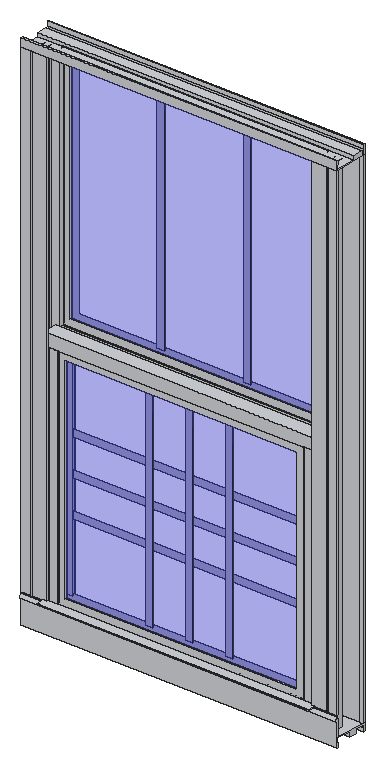
Revit family "4410S_Single Hung Steel Replica", category Windows, host Wall, Revit 2023
Family settings
  Host = Wall
  OmniClass Number = 23.30.20.00
  OmniClass Title = Windows
  Always vertical = Yes
  Cut with Voids When Loaded = No
  Shared = No
  Room Calculation Point = No
Parameters
  Vertical Member Length = Height - Keep Rail Mid - 0' 3 1/4"  # 2' - 3 7/16"
  Top Bay Vertical Member Array Vis = yes
  Top Bay Vertical Member Array = 2
  Vent Width = Width - 0' 5"  # 2' - 7"
  Vent Opening [instance] = 0' - 0"
  Vent Height = Keep Rail Mid - 0' 0 11/16"  # 2' - 4 5/8"
  Top Bay Single Vertical Member Vis = no
  Top Bay Single Horizontal Member Vis = no
  Keep Vertical Member Mid = (Width / 2) - 0' 0 11/64"  # 1' - 5 53/64"
  Keep Rail Mid = (Height - 0' 1 3/8") / 2  # 2' - 5 5/16"
  Keep Top Bay Horizontal Member Mid = ((Height - Keep Rail Mid - 0' 3 1/4") / 2) - 0' 0 11/64"  # 1' - 1 35/64"
  Horizontal Member Length = Width - 0' 6 11/16"  # 2' - 5 5/16"
  Top Bay Horizontal Member Array Vis = no
  Top Bay Horizontal Member Array = 2
  Height = 5' - 0"
  Glass Material = Glass
  Frame Material = none
  Equal Bay Width = (Width - 0' 6 11/16" - (Top Bay Vertical Member Array * 0' 0 11/32")) / (Top Bay Vertical Member Array + 1)  # 0' - 9.54167"
  Equal Bay Height = (Height - Keep Rail Mid - 0' 3 1/4" - (Top Bay Horizontal Member Array * 0' 0 11/32")) / (Top Bay Horizontal Member Array + 1)  # 0' - 8.91667"
  Depth From Exterior = 0' - 1"
  Default Sill Height = 3' - 0"
  Wall Closure = By host
  Width = 3' - 0"
  Bottom Bay Vertical Member Array Vis = yes
  Bottom Bay Vertical Member Array = 2
  Bottom Bay Single Vertical Member Vis = yes
  Bottom Bay Single Horizontal Member Vis = yes
  Bottom Bay Horizontal Member Array Vis = yes
  Bottom Bay Horizontal Member Array = 2
Reference planes (in)
  plane 1 "Center (Front/Back)": y = 0
  plane 2: z = 0
  plane 3 "Center (Left/Right)": x = 0
  plane 4 "Left": x = -18
  plane 5 "Right": x = 18
  plane 6 "Sill": z = 36
  plane 7 "Top": z = 96
  plane 8: y = 3
  plane 9: y = 2
  plane 10: y = -2
  plane 11: y = 2
  plane 12: y = 2
  plane 13: y = -2
  plane 14: y = 2
  plane 15: y = -2
  plane 16: x = 15.125
  plane 17: x = 18
  plane 18: x = -18
  plane 19: x = -15.125
  plane 20: y = 2
  plane 21: y = -0.09592
  plane 22: y = 1.91895
  plane 23: y = 1.91895
  plane 24: y = 1.62325
  plane 25: y = -0.04
  plane 26: y = -0.04
  plane 27: y = 1.315
  plane 28: y = 0.61125
  plane 29: y = 0.61125
  plane 30: y = 0.38576
  plane 31: y = -1.905
  plane 32: z = 66.6875
  plane 33: z = 65.3125
  plane 34: z = 39.35032
  plane 35: z = 39.35032
  plane 36: y = 1.62325
  plane 37: y = 0.62325
  plane 38: y = -0.01592
  plane 39: y = -1.775
  plane 40: y = 0.06494
  plane 41: y = -0.01592
  plane 42: z = 94.59356
  plane 43: x = 14.65656
  plane 44: x = -14.65656
  plane 45: z = 67.15594
  plane 46: y = 1.92725
  plane 47: y = 1.62325
  plane 48: z = 85.67689
  plane 49: z = 76.07261
  plane 50: x = 5.11489
  plane 51: x = -5.11489
  plane 52: x = 0.17187
  plane 53: z = 81.04668
Forms (in)
  Sweep 1, solid
    path origin (0, 0, 0) x (1, 0, 0) y (0, 0, 1)
      loop
        line (18, 36) -> (-18, 36)
    profile origin (0, 0, 36) x (0, 0, -1) y (0, -1, 0)
      loop
        line (-3.35032, 2) -> (-3.35032, 1.93) -> (-2.965, 1.93) -> (-2.965, 1.85) -> (-2.88519, 1.85) -> (-2.86019, 1.875) -> (-1.15102, 1.875) -> (-0.812, -2) -> (0, -2) -> (0, -1.815) -> (-0.434, -1.815) -> (-0.434, -1.905) -> (-0.69483, -1.905) -> (-0.80183, -0.682) -> (-0.35476, -0.682) -> (-0.35476, 0.17585) -> (-0.87688, 0.17585) -> (-1.02817, 1.905) -> (-0.434, 1.905) -> (-0.434, 1.815) -> (0, 1.815) -> (0, 2) -> (-2.86275, 2) -> (-2.82032, 2.15834) -> (-3.25535, 2) -> (-3.35032, 2)
  Sweep 2, solid
    path origin (0, 0, 0) x (1, 0, 0) y (0, 0, 1)
      loop
        line (18, 96) -> (-18, 96)
    profile origin (0, 0, 96) x (0, 0, -1) y (0, -1, 0)
      loop
        line (0, -2) -> (1, -2) -> (1, 2) -> (0, 2) -> (0, 1.815) -> (0.434, 1.815) -> (0.434, 1.938) -> (0.938, 1.938) -> (0.938, -0.39875) -> (0.5455, -0.39875) -> (0.5455, -1.5995) -> (0.938, -1.5995) -> (0.938, -1.938) -> (0.434, -1.938) -> (0.434, -1.815) -> (0, -1.815) -> (0, -2)
  Sweep 3, solid
    path origin (0, 0, 0) x (1, 0, 0) y (0, 0, 1)
      loop
        line (18, 95) -> (18, 36.812)
    profile origin (18, 0, 65.906) x (0, -1, 0) y (1, 0, 0)
      loop
        line (1.85, -1.125) -> (1.85, -1.045) -> (-0.04, -1.045) -> (-0.04, -2.795) -> (-0.38075, -2.795) -> (-0.38075, -2.40284) -> (-1.57217, -2.40284) -> (-1.57217, -2.65125) -> (-1.905, -2.65125) -> (-1.905, -0.434) -> (-1.815, -0.434) -> (-1.815, 0) -> (-2, 0) -> (-2, -2.875) -> (0.04, -2.875) -> (0.04, -1.837) -> (0.241, -1.837)
        arc (0.241, -1.837) -> (0.2885, -1.7895) -> (0.241, -1.742) r 0.0475
        line (0.241, -1.742) -> (0.04, -1.742) -> (0.04, -1.125) -> (1.85, -1.125)
  Sweep 4, solid
    path origin (0, 0, 0) x (0, 1, 0) y (0, 0, 1)
      loop
        line (-2, 39.35032) -> (-2, 95)
    profile origin (0, -2, 67.17516) x (0, -1, 0) y (1, 0, 0)
      loop
        line (0, 18) -> (-0.185, 18) -> (-0.185, 17.566) -> (-0.0797, 17.566) -> (-0.0797, 16.95545) -> (-0.15, 16.95545) -> (-0.15, 15.125) -> (-0.07, 15.125) -> (-0.07, 16.875) -> (0, 16.875) -> (0, 18)
  Sweep 5, solid
    path origin (4.96133, 0, 0) x (-1, 0, 0) y (0, 0, -1)
      loop
        line (22.96133, -95) -> (22.96133, -36.812)
    profile origin (-18, 0, 65.906) x (0, -1, 0) y (1, 0, 0)
      loop
        line (1.85, 1.125) -> (0.04, 1.125) -> (0.04, 1.742) -> (0.241, 1.742)
        arc (0.241, 1.742) -> (0.2885, 1.7895) -> (0.241, 1.837) r 0.0475
        line (0.241, 1.837) -> (0.04, 1.837) -> (0.04, 2.875) -> (-2, 2.875) -> (-2, 0) -> (-1.815, 0) -> (-1.815, 0.434) -> (-1.905, 0.434) -> (-1.905, 2.65125) -> (-1.57217, 2.65125) -> (-1.57217, 2.40284) -> (-0.38075, 2.40284) -> (-0.38075, 2.795) -> (-0.04, 2.795) -> (-0.04, 1.045) -> (1.85, 1.045) -> (1.85, 1.125)
  Sweep 6, solid
    path origin (0, 0, 0) x (0, 1, 0) y (0, 0, 1)
      loop
        line (-2, 39.35032) -> (-2, 95)
    profile origin (0, -2, 67.17516) x (0, -1, 0) y (1, 0, 0)
      loop
        line (0, -18) -> (0, -16.875) -> (-0.07, -16.875) -> (-0.07, -15.125) -> (-0.15, -15.125) -> (-0.15, -16.875) -> (-0.15, -16.95545) -> (-0.08017, -16.95545) -> (-0.08017, -17.566) -> (-0.185, -17.566) -> (-0.185, -18) -> (0, -18)
  Sweep 7, solid
    path origin (0, 0, 0) x (1, 0, 0) y (0, 0, 1)
      loop
        line (15.125, 66.6875) -> (-15.125, 66.6875)
    profile origin (0, 0, 66.6875) x (0, 0, -1) y (0, -1, 0)
      loop
        line (1.375, -2) -> (1.375, -1.16908) -> (1.719, -1.16908)
        arc (1.719, -1.16908) -> (1.75, -1.13808) -> (1.719, -1.10708) r 0.031
        line (1.719, -1.10708) -> (1.375, -1.10708) -> (1.375, 0.09592) -> (0.95876, 0.09592) -> (0.928, 0.08473) -> (1.04717, 0.01592) -> (1.295, 0.01592) -> (1.295, -0.12156) -> (0.8475, -0.12156) -> (0.8475, -0.82206) -> (0.435, -0.82206) -> (0.435, -0.38229) -> (0.09332, -0.38229) -> (0.09332, -0.20975) -> (0.435, -0.17132) -> (0.435, -0.13125) -> (0, -0.13125) -> (0, -2) -> (1.375, -2)
  Sweep 8, solid
    path origin (0, 0, 0) x (1, 0, 0) y (0, 0, 1)
      loop
        line (15.125, 66.6875) -> (15.125, 95.062) -> (-15.125, 95.062) -> (-15.125, 66.6875) -> (15.125, 66.6875)
    profile origin (0, 0, 66.6875) x (0, 0, -1) y (0, -1, 0)
      loop
        line (-0.60922, -1.77817) -> (-0.46844, -1.91895) -> (0, -1.91895) -> (0, -1.62325) -> (-0.76414, -1.62325) -> (-0.60922, -1.77817)
  Sweep 9, solid
    path origin (0, 0, 0) x (1, 0, 0) y (0, 0, 1)
      loop
        line (15.125, 36.812) -> (-15.125, 36.812)
    profile origin (0, 0, 36.812) x (0, 0, -1) y (0, -1, 0)
      loop
        line (-1.58468, 0.04) -> (-1.58468, -0.04) -> (-1.13268, -0.04) -> (-1.13268, -0.239)
        arc (-1.13268, -0.239) -> (-1.02796, -0.54519) -> (-0.75768, -0.72312) r 0.5
        line (-0.75768, -0.72312) -> (-0.75768, -1.136)
        arc (-0.75768, -1.136) -> (-0.7486, -1.15792) -> (-0.72668, -1.167) r 0.031
        line (-0.72668, -1.167) -> (-0.63268, -1.167) -> (-0.63268, -1.315) -> (-0.55268, -1.315) -> (-0.55268, -1.118)
        arc (-0.55268, -1.118) -> (-0.56176, -1.09608) -> (-0.58368, -1.087) r 0.031
        line (-0.58368, -1.087) -> (-0.67768, -1.087) -> (-0.67768, -0.739) -> (-0.376, -0.739) -> (-0.376, -0.927) -> (-0.234, -0.927) -> (-0.234, -0.86638) -> (-0.062, -0.86638) -> (-0.03811, -0.93038) -> (0, -0.93038) -> (0, -0.572) -> (-0.175, -0.572) -> (-0.175, -0.659) -> (-0.63268, -0.659)
        arc (-0.63268, -0.659) -> (-0.92966, -0.53598) -> (-1.05268, -0.239) r 0.42
        line (-1.05268, -0.239) -> (-1.05268, 0.009)
        arc (-1.05268, 0.009) -> (-1.06176, 0.03092) -> (-1.08368, 0.04) r 0.031
        line (-1.08368, 0.04) -> (-1.58468, 0.04)
  Sweep 10, solid
    path origin (0, 0, 0) x (1, 0, 0) y (0, 0, 1)
      loop
        line (-15.125, 66.6875) -> (15.125, 66.6875) -> (15.125, 95.062) -> (-15.125, 95.062) -> (-15.125, 66.6875)
    profile origin (0, 0, 66.6875) x (0, 0, 1) y (0, -1, 0)
      loop
        line (0.75, -0.38576) -> (0, -0.38576) -> (0, -0.52876) -> (0.031, -0.52876)
        arc (0.031, -0.52876) -> (0.05292, -0.51968) -> (0.062, -0.49776) r 0.031
        line (0.062, -0.49776) -> (0.062, -0.44276) -> (0.314, -0.44276) -> (0.314, -0.61125) -> (0.75, -0.61125) -> (0.75, -0.38576)
  Sweep 11, solid, material "Glass" <- "Glass Material"
    path origin (0, 0, 0) x (0, 1, 0) y (0, 0, 1)
      loop
        line (1.09807, 66.6875) -> (1.09807, 95)
    profile origin (0, 1.09807, 80.84375) x (0, -1, 0) y (1, 0, 0)
      loop
        line (-0.52518, -15.125) -> (-0.27518, -15.125) -> (-0.27518, 15.125) -> (-0.52518, 15.125) -> (-0.52518, -15.125)
      loop
        line (0.22482, -15.125) -> (0.47482, -15.125) -> (0.47482, 15.125) -> (0.22482, 15.125) -> (0.22482, -15.125)
Lines and regions (in)
  Opening 1
    outline origin (-60, -3, 0) x (1, 0, 0) y (0, 0, 1)
      loop
        line (42, 96) -> (42, 36) -> (78, 36) -> (78, 96) -> (42, 96)
Text (in)
  text "EXTERIOR" at (-58.6888, 50.90694, 0), in view "Ref. Level"
  text "INTERIOR" at (-58.6888, -37.76638, 0), in view "Ref. Level"
  text "Exterior" at (0, 43.65631, 123.19604), in view "Left"
  text "Exterior" at (0, 18.29385, 125.04747), in view "Right"
Dimensions and locks (in)
  equal spacing: plane 4 "Left", plane 3 "Center (Left/Right)", plane 5 "Right"
  "Height": plane 6 "Sill" to plane 7 "Top"
  "Default Sill Height": plane 2 to plane 6 "Sill"
  locked: plane 11 to plane 10 at 4
  "Depth From Exterior": plane 8 to plane 9
  locked: plane 12 to plane 13 at 4
  "Width": plane 4 "Left" to plane 5 "Right"
  locked: plane 14 to plane 15 at 4
  locked: plane 16 to plane 17 at 2.875
  locked: plane 18 to plane 19 at 2.875
  locked: plane 20 to plane 21 at 2.09592
  locked: plane 14 to plane 22 at 0.08105
  locked: plane 23 to plane 24 at 0.2957
  locked: plane 27 to plane 26 at 1.355
  locked: plane 14 to plane 28 at 1.38875
  locked: plane 29 to plane 30 at 0.22549
  locked: plane 14 to plane 26 at 2.04
  locked: plane 31 to plane 15 at 0.095
  locked: plane 33 to plane 32 at 1.375
  "Keep Rail Mid": plane 6 "Sill" to plane 33
  "Vent Opening": plane 34 to plane 35
  locked: plane 35 to plane 6 "Sill" at 3.35032
  plane 32 to plane 33 = 0' - 1 3/8"
  locked: plane 36 to plane 37 at 1
  locked: plane 14 to plane 41 at 2.01592
  plane 40 to plane 38 to plane 39 = 0' - 0.08087" locked, 0' - 1.75908" locked
  locked: plane 42 to plane 7 "Top" at 1.40644
  locked: plane 32 to plane 45 at 0.46844
  locked: plane 16 to plane 43 at 0.46844
  locked: plane 19 to plane 44 at 0.46844
  plane 17 to plane 43 = 0' - 3.34344"
  locked: plane 46 to plane 47 at 0.304
  group 1 to group 2 = 0' - 0"
  group 2 to group 1 = 0' - 0"
  group 2 to group 1 = 0' - 9.27316"
  "Equal Bay Height": plane 48 to plane 42
  "Equal Bay Height": plane 45 to plane 49
  group 4 to group 3 = 0' - 9.89866"
  group 4 to group 3 = 0' - 0"
  group 3 to group 4 = 0' - 0"
  "Equal Bay Width": plane 50 to plane 43
  "Equal Bay Width": plane 44 to plane 51
  "Keep Vertical Member Mid": plane 17 to plane 52
  "Keep Top Bay Horizontal Member Mid": plane 53 to plane 42
  aligned and locked: plane 7 "Top" to Opening 1 sketch curve
  aligned and locked: plane 6 "Sill" to Opening 1 sketch curve  (x2)
  aligned and locked: plane 5 "Right" to Opening 1 sketch curve
  aligned and locked: plane 4 "Left" to Opening 1 sketch curve
  aligned and locked: level to plane 2
  aligned and locked: plane 5 "Right" to Sweep 1 sketch curve
  aligned and locked: plane 4 "Left" to Sweep 1 sketch curve
  aligned and locked: plane 6 "Sill" to Sweep 1 sketch curve
  aligned and locked: plane 8 to host wall
  aligned and locked: plane 11 to Sweep 1
  aligned and locked: plane 10 to Sweep 1
  aligned and locked: plane 9 to plane 11
  aligned and locked: plane 5 "Right" to Sweep 2 sketch curve
  aligned and locked: plane 4 "Left" to Sweep 2 sketch curve
  aligned and locked: plane 7 "Top" to Sweep 2 sketch curve
  aligned and locked: plane 12 to Sweep 2
  aligned and locked: plane 13 to Sweep 2
  aligned and locked: plane 12 to plane 11
  aligned and locked: Sweep 2 to Sweep 3 sketch curve
  aligned and locked: Sweep 1 to Sweep 3 sketch curve
  aligned and locked: Sweep 3 sketch curve to plane 5 "Right"
  aligned and locked: plane 14 to Sweep 3
  aligned and locked: plane 14 to plane 9
  aligned and locked: Sweep 4 sketch curve to Sweep 1
  aligned and locked: Sweep 2 to Sweep 4 sketch curve
  aligned and locked: plane 15 to Sweep 4 sketch curve
  aligned and locked: plane 16 to Sweep 4
  aligned and locked: plane 17 to Sweep 4
  aligned and locked: plane 17 to plane 5 "Right"
  aligned and locked: Sweep 5 sketch curve to plane 4 "Left"
  aligned and locked: Sweep 5 sketch curve to Sweep 1
  aligned and locked: Sweep 2 to Sweep 5 sketch curve
  aligned and locked: Sweep 5 to plane 14
  aligned and locked: Sweep 2 to Sweep 6 sketch curve
  aligned and locked: Sweep 6 sketch curve to Sweep 1
  aligned and locked: plane 15 to Sweep 6 sketch curve
  aligned and locked: plane 18 to Sweep 6
  aligned and locked: plane 19 to Sweep 6
  aligned and locked: plane 18 to plane 4 "Left"
  aligned and locked: plane 16 to Sweep 7 sketch curve
  aligned and locked: plane 19 to Sweep 7 sketch curve
  aligned and locked: plane 20 to Sweep 7
  aligned and locked: plane 21 to Sweep 7
  aligned and locked: plane 14 to plane 20
  aligned and locked: Sweep 8 sketch curve to Sweep 7
  aligned and locked: Sweep 8 sketch curve to plane 19
  aligned and locked: Sweep 2 to Sweep 8 sketch curve
  aligned and locked: plane 16 to Sweep 8 sketch curve
  aligned and locked: plane 23 to Sweep 8
  aligned and locked: plane 24 to Sweep 8
  aligned and locked: plane 22 to plane 23
  aligned and locked: plane 16 to Sweep 9 sketch curve
  aligned and locked: plane 19 to Sweep 9 sketch curve
  aligned and locked: Sweep 9 sketch curve to Sweep 1
  aligned and locked: plane 26 to Sweep 9
  aligned and locked: plane 27 to Sweep 9
  aligned and locked: plane 25 to plane 26
  aligned and locked: Sweep 10 sketch curve to Sweep 7
  aligned and locked: Sweep 10 sketch curve to plane 19
  aligned and locked: Sweep 2 to Sweep 10 sketch curve
  aligned and locked: plane 16 to Sweep 10 sketch curve
  aligned and locked: plane 29 to Sweep 10
  aligned and locked: plane 30 to Sweep 10
  aligned and locked: plane 28 to plane 29
  aligned and locked: plane 31 to Sweep 1
  aligned and locked: plane 32 to Sweep 7
  aligned and locked: plane 33 to Sweep 7
  aligned and locked: plane 35 to Sweep 6
  aligned and locked: nested 1 to plane 34
  aligned and locked: Sweep 2 to Sweep 11 sketch curve
  aligned and locked: Sweep 7 to Sweep 11 sketch curve
  aligned and locked: Sweep 11 sketch curve to Sweep 5  (x2)
  aligned and locked: Sweep 11 sketch curve to Sweep 3  (x2)
  aligned and locked: plane 36 to Sweep 11
  aligned and locked: plane 37 to Sweep 11
  aligned and locked: plane 36 to plane 24
  aligned and locked: plane 41 to Sweep 7
  aligned and locked: plane 40 to nested 1
  aligned and locked: plane 38 to nested 1
  aligned and locked: plane 39 to nested 1  (x3)
  aligned and locked: plane 38 to plane 41
  aligned and locked: plane 45 to Sweep 8
  aligned and locked: plane 42 to Sweep 8
  aligned and locked: plane 43 to Sweep 8
  aligned and locked: plane 44 to Sweep 8
  aligned and locked: plane 36 to plane 47
  aligned and locked: nested 2 to plane 43
  aligned and locked: plane 48 to nested 2
  aligned and locked: plane 49 to nested 3
  aligned and locked: nested 3 to plane 43
  aligned and locked: nested 3 to Sweep 11
  aligned and locked: nested 2 to Sweep 11
  aligned and locked: nested 4 to plane 45
  aligned and locked: plane 50 to nested 4
  aligned and locked: plane 51 to nested 5
  aligned and locked: nested 5 to plane 45
  aligned and locked: nested 5 to Sweep 11
  aligned and locked: nested 4 to Sweep 11
  aligned and locked: nested 6 to plane 45
  aligned and locked: nested 6 to Sweep 11
  aligned and locked: plane 52 to nested 6
  aligned and locked: nested 8 to plane 43
  aligned and locked: nested 8 to Sweep 11
  aligned and locked: plane 53 to nested 8
Automatic sketch dimensions
  Sweep 1 sketch curve to profile plane = 0' - 0"  (x2)
  plane 1 "Center (Front/Back)" to Sweep 1 sketch curve = 0' - 0.17585"
  profile plane to Sweep 1 sketch curve = 0' - 0.35476"
  profile plane to Sweep 1 sketch curve = 0' - 0.434"  (x2)
  Sweep 1 sketch curve to Sweep 1 sketch curve = 0' - 0.26083"
  Sweep 1 sketch curve to Sweep 1 sketch curve = 0' - 0.44707"
  Sweep 1 sketch curve to Sweep 1 sketch curve = 0' - 0.11717"
  Sweep 1 sketch curve to Sweep 1 sketch curve = 0' - 0.52212"
  Sweep 1 sketch curve to Sweep 1 sketch curve = 0' - 0.59417"
  Sweep 1 sketch curve to Sweep 1 sketch curve = 0' - 0.12285"
  Sweep 1 sketch curve to Sweep 1 sketch curve = 0' - 1.66931"
  Sweep 1 sketch curve to Sweep 1 sketch curve = 0' - 0.03987"
  Sweep 1 sketch curve to Sweep 1 sketch curve = 0' - 0.00256"
  Sweep 1 sketch curve to Sweep 1 sketch curve = 0' - 0.025"
  Sweep 1 sketch curve to Sweep 1 sketch curve = 0' - 0.07981"
  Sweep 1 sketch curve to Sweep 1 sketch curve = 0' - 0.29035"
  Sweep 1 sketch curve to Sweep 1 sketch curve = 0' - 0.09497"
  Sweep 1 sketch curve to plane 1 "Center (Front/Back)" = 0' - 0.682"
  Sweep 1 sketch curve to Sweep 1 sketch curve = 0' - 1.133"
  Sweep 1 sketch curve to Sweep 1 sketch curve = 0' - 0.09"
  Sweep 1 sketch curve to Sweep 1 sketch curve = 0' - 0.095"
  Sweep 1 sketch curve to Sweep 1 sketch curve = 0' - 1.63915"
  plane 1 "Center (Front/Back)" to Sweep 1 sketch curve = 0' - 1.85"
  Sweep 1 sketch curve to Sweep 1 sketch curve = 0' - 0.06"
  Sweep 1 sketch curve to Sweep 1 sketch curve = 0' - 0.03"
  Sweep 1 sketch curve to Sweep 1 sketch curve = 0' - 0.08"
  Sweep 1 sketch curve to Sweep 1 sketch curve = 0' - 0.07"  (x2)
  Sweep 1 sketch curve to Sweep 1 sketch curve = 0' - 0.15834"
  Sweep 2 sketch curve to profile plane = 0' - 0"  (x2)
  Sweep 2 sketch curve to Sweep 2 sketch curve = 0' - 0.434"  (x2)
  Sweep 2 sketch curve to Sweep 2 sketch curve = 0' - 0.1115"
  Sweep 2 sketch curve to Sweep 2 sketch curve = 0' - 0.3925"  (x2)
  Sweep 2 sketch curve to Sweep 2 sketch curve = 0' - 0.062"  (x3)
  Sweep 2 sketch curve to plane 1 "Center (Front/Back)" = 0' - 2"
  Sweep 2 sketch curve to Sweep 2 sketch curve = 0' - 0.123"  (x2)
  Sweep 2 sketch curve to Sweep 2 sketch curve = 0' - 0.2155"
  Sweep 2 sketch curve to plane 1 "Center (Front/Back)" = 0' - 0.39875"
  plane 1 "Center (Front/Back)" to Sweep 2 sketch curve = 0' - 1.815"
  Sweep 3 sketch curve to profile plane = 0' - 0"
  Sweep 3 sketch curve to plane 1 "Center (Front/Back)" = 0' - 2"
  Sweep 3 sketch curve to Sweep 3 sketch curve = 0' - 0.095"
  Sweep 3 sketch curve to Sweep 3 sketch curve = 0' - 0.185"
  Sweep 3 sketch curve to Sweep 3 sketch curve = 0' - 0.33283"
  Sweep 3 sketch curve to plane 1 "Center (Front/Back)" = 0' - 0.38075"
  Sweep 3 sketch curve to plane 1 "Center (Front/Back)" = 0' - 0.04"
  plane 1 "Center (Front/Back)" to Sweep 3 sketch curve = 0' - 0.04"  (x2)
  Sweep 3 sketch curve to Sweep 3 sketch curve = 0' - 0.201"
  Sweep 3 sketch curve to Sweep 3 sketch curve = 0' - 1.609"
  profile plane to Sweep 3 sketch curve = 0' - 0.434"
  profile plane to Sweep 3 sketch curve = 0' - 1.045"
  Sweep 3 sketch curve to Sweep 3 sketch curve = 0' - 0.08"
  Sweep 3 sketch curve to Sweep 3 sketch curve = 0' - 0.617"
  Sweep 3 sketch curve to Sweep 3 sketch curve = 0' - 0.0475"
  Sweep 3 sketch curve to Sweep 3 sketch curve = 0' - 0.56584"
  Sweep 3 sketch curve to Sweep 3 sketch curve = 0' - 0.24841"
  Sweep 3 sketch curve to Sweep 3 sketch curve = 0' - 0.39216"
  Sweep 3 sketch curve to Sweep 3 sketch curve = 0' - 0.22375"
  Sweep 4 sketch curve to profile plane = 0' - 0"
  profile plane to Sweep 4 sketch curve = 0' - 0.07"
  profile plane to Sweep 4 sketch curve = 0' - 0.0797"
  Sweep 4 sketch curve to Sweep 4 sketch curve = 0' - 0 9/128"
  profile plane to Sweep 4 sketch curve = 0' - 0.185"
  plane 3 "Center (Left/Right)" to Sweep 4 sketch curve = 1' - 3 1/8"
  Sweep 4 sketch curve to Sweep 4 sketch curve = 0' - 1 3/4"
  Sweep 4 sketch curve to Sweep 4 sketch curve = 0' - 0.08045"
  Sweep 4 sketch curve to Sweep 4 sketch curve = 0' - 0.61055"
  Sweep 4 sketch curve to Sweep 4 sketch curve = 0' - 0.434"
  Sweep 5 sketch curve to profile plane = 0' - 0"
  Sweep 5 sketch curve to plane 1 "Center (Front/Back)" = 0' - 2"
  Sweep 5 sketch curve to Sweep 5 sketch curve = 0' - 0.095"
  Sweep 5 sketch curve to Sweep 5 sketch curve = 0' - 0.185"
  Sweep 5 sketch curve to Sweep 5 sketch curve = 0' - 0.33283"
  Sweep 5 sketch curve to plane 1 "Center (Front/Back)" = 0' - 0.38075"
  Sweep 5 sketch curve to plane 1 "Center (Front/Back)" = 0' - 0.04"
  plane 1 "Center (Front/Back)" to Sweep 5 sketch curve = 0' - 0.04"  (x2)
  Sweep 5 sketch curve to Sweep 5 sketch curve = 0' - 0.201"
  Sweep 5 sketch curve to Sweep 5 sketch curve = 0' - 1.609"
  Sweep 5 sketch curve to profile plane = 0' - 0.434"
  Sweep 5 sketch curve to profile plane = 0' - 1.045"
  Sweep 5 sketch curve to Sweep 5 sketch curve = 0' - 0.08"
  Sweep 5 sketch curve to Sweep 5 sketch curve = 0' - 0.617"
  Sweep 5 sketch curve to Sweep 5 sketch curve = 0' - 0.0475"
  Sweep 5 sketch curve to Sweep 5 sketch curve = 0' - 0.56584"
  Sweep 5 sketch curve to Sweep 5 sketch curve = 0' - 0.24841"
  Sweep 5 sketch curve to Sweep 5 sketch curve = 0' - 0.39216"
  Sweep 5 sketch curve to Sweep 5 sketch curve = 0' - 0.22375"
  Sweep 6 sketch curve to Sweep 6 sketch curve = 0' - 0.035"
  Sweep 6 sketch curve to Sweep 6 sketch curve = 0' - 0.10483"
  Sweep 6 sketch curve to Sweep 6 sketch curve = 0' - 0.08"
  Sweep 6 sketch curve to Sweep 6 sketch curve = 0' - 0.185"
  Sweep 6 sketch curve to Sweep 6 sketch curve = 0' - 0.434"
  Sweep 6 sketch curve to Sweep 6 sketch curve = 0' - 0.61055"
  Sweep 6 sketch curve to Sweep 6 sketch curve = 0' - 0.08045"
  Sweep 6 sketch curve to Sweep 6 sketch curve = 0' - 0"
  Sweep 6 sketch curve to Sweep 6 sketch curve = 0' - 1 3/4"
  profile plane to Sweep 6 sketch curve = 0' - 0.185"
  Sweep 6 sketch curve to plane 3 "Center (Left/Right)" = 1' - 6"
  plane 7 "Top" to Sweep 7 sketch curve = 2' - 5 5/16"
  Sweep 7 sketch curve to profile plane = 0' - 0"
  Sweep 7 sketch curve to Sweep 7 sketch curve = 0' - 0.09332"
  Sweep 7 sketch curve to Sweep 7 sketch curve = 0' - 0.34168"  (x2)
  Sweep 7 sketch curve to Sweep 7 sketch curve = 0' - 0.4125"
  Sweep 7 sketch curve to Sweep 7 sketch curve = 0' - 0.0805"
  Sweep 7 sketch curve to Sweep 7 sketch curve = 0' - 0.03076"
  Sweep 7 sketch curve to Sweep 7 sketch curve = 0' - 0.08841"
  Sweep 7 sketch curve to Sweep 7 sketch curve = 0' - 0.24783"
  Sweep 7 sketch curve to Sweep 7 sketch curve = 0' - 0.08"
  Sweep 7 sketch curve to Sweep 7 sketch curve = 0' - 0.344"
  Sweep 7 sketch curve to plane 1 "Center (Front/Back)" = 0' - 2"
  Sweep 7 sketch curve to Sweep 7 sketch curve = 0' - 0.83092"
  Sweep 7 sketch curve to Sweep 7 sketch curve = 0' - 0.031"
  Sweep 7 sketch curve to Sweep 7 sketch curve = 0' - 0.28501"
  Sweep 7 sketch curve to Sweep 7 sketch curve = 0' - 0.43978"
  Sweep 7 sketch curve to Sweep 7 sketch curve = 0' - 0.17254"
  Sweep 7 sketch curve to Sweep 7 sketch curve = 0' - 0.21096"
  Sweep 7 sketch curve to Sweep 7 sketch curve = 0' - 0.04007"
  Sweep 7 sketch curve to Sweep 7 sketch curve = 0' - 0.7005"
  Sweep 7 sketch curve to Sweep 7 sketch curve = 0' - 0.13749"
  Sweep 7 sketch curve to Sweep 7 sketch curve = 0' - 0.0688"
  Sweep 7 sketch curve to Sweep 7 sketch curve = 0' - 0.0112"
  Sweep 7 sketch curve to Sweep 7 sketch curve = 0' - 0"
  profile plane to Sweep 8 sketch curve = 0' - 0.76414"
  Sweep 8 sketch curve to Sweep 8 sketch curve = 0' - 0.15492"  (x2)
  Sweep 8 sketch curve to Sweep 8 sketch curve = 0' - 0.14078"  (x2)
  Sweep 8 sketch curve to plane 1 "Center (Front/Back)" = 0' - 1.91895"
  Sweep 8 sketch curve to Sweep 8 sketch curve = 0' - 0.46844"
  profile plane to Sweep 9 sketch curve = 0' - 1.58468"
  Sweep 9 sketch curve to Sweep 9 sketch curve = 0' - 0.452"
  Sweep 9 sketch curve to Sweep 9 sketch curve = 0' - 0 3/8"
  Sweep 9 sketch curve to Sweep 9 sketch curve = 0' - 0.031"  (x3)
  Sweep 9 sketch curve to Sweep 9 sketch curve = 0' - 0.049"  (x4)
  Sweep 9 sketch curve to Sweep 9 sketch curve = 0' - 0.094"
  Sweep 9 sketch curve to Sweep 9 sketch curve = 0' - 0 1/2"
  Sweep 9 sketch curve to Sweep 9 sketch curve = 0' - 0.30168"
  Sweep 9 sketch curve to Sweep 9 sketch curve = 0' - 0.142"
  Sweep 9 sketch curve to Sweep 9 sketch curve = 0' - 0.201"
  Sweep 9 sketch curve to Sweep 9 sketch curve = 0' - 0.172"
  Sweep 9 sketch curve to Sweep 9 sketch curve = 0' - 0.02389"
  Sweep 9 sketch curve to Sweep 9 sketch curve = 0' - 0.03811"
  Sweep 9 sketch curve to plane 1 "Center (Front/Back)" = 0' - 1.315"
  Sweep 9 sketch curve to Sweep 9 sketch curve = 0' - 0.148"
  Sweep 9 sketch curve to Sweep 9 sketch curve = 0' - 0.18762"
  Sweep 9 sketch curve to Sweep 9 sketch curve = 0' - 0.00338"
  Sweep 9 sketch curve to Sweep 9 sketch curve = 0' - 0.064"
  Sweep 9 sketch curve to Sweep 9 sketch curve = 0' - 0.188"
  Sweep 9 sketch curve to Sweep 9 sketch curve = 0' - 0.01588"
  Sweep 9 sketch curve to Sweep 9 sketch curve = 0' - 0.29438"
  Sweep 9 sketch curve to Sweep 9 sketch curve = 0' - 0.199"
  Sweep 9 sketch curve to Sweep 9 sketch curve = 0' - 0.045"
  Sweep 9 sketch curve to Sweep 9 sketch curve = 0' - 0.08"
  Sweep 9 sketch curve to Sweep 9 sketch curve = 0' - 0"
  Sweep 10 sketch curve to profile plane = 0' - 0"
  Sweep 10 sketch curve to Sweep 10 sketch curve = 0' - 0.031"  (x2)
  Sweep 10 sketch curve to Sweep 10 sketch curve = 0' - 0.252"
  Sweep 10 sketch curve to Sweep 10 sketch curve = 0' - 0.436"
  Sweep 10 sketch curve to plane 1 "Center (Front/Back)" = 0' - 0.61125"
  Sweep 10 sketch curve to Sweep 10 sketch curve = 0' - 0.11349"
  Sweep 10 sketch curve to Sweep 10 sketch curve = 0' - 0.055"
  Sweep 10 sketch curve to Sweep 10 sketch curve = 0' - 0.057"
  plane 27 to Sweep 11 sketch curve = 0' - 0.21693"
  profile plane to Sweep 11 sketch curve = 0' - 0.52518"
  Sweep 11 sketch curve to Sweep 11 sketch curve = 0' - 0 1/4"  (x2)
  Sweep 11 sketch curve to Sweep 11 sketch curve = 0' - 0 3/4"
Nested families (in)
  nested 1: "S Single Hung Vent" at (0, 1.82945, 34.60189), type "S Single Hung Vent"
  nested 2: "Horizontal Member" at (0.00031, 1.62325, 74.7375), visible <- "Top Bay Horizontal Member Array Vis", type "Horizontal Member"
  nested 3: "Horizontal Member" at (0.00031, 1.62325, 65.46435), visible <- "Top Bay Horizontal Member Array Vis", type "Horizontal Member"
  nested 4: "Vertical Member" at (0.83116, 1.62325, 58.14651), visible <- "Top Bay Vertical Member Array Vis", type "Vertical Member"
    with Member Length 2' - 3 7/16"
  nested 5: "Vertical Member" at (-9.0675, 1.62325, 58.14651), visible <- "Top Bay Vertical Member Array Vis", type "Vertical Member"
    with Member Length 2' - 3 7/16"
  nested 6: "Vertical Member" at (-4.11186, 1.62325, 58.14651), visible <- "Top Bay Single Vertical Member Vis", type "Vertical Member"
    with Member Length 2' - 3 7/16"
  nested 7: "Vertical Member" at (-4.78376, 1.62325, 58.14651), visible <- "Top Bay Single Vertical Member Vis", type "Vertical Member", not visible
    with Member Length 2' - 3 7/16"
  nested 8: "Horizontal Member" at (0.00031, 1.62325, 70.10729), visible <- "Top Bay Single Horizontal Member Vis", type "Horizontal Member"
  nested 9: "Horizontal Member" at (0.00031, 1.62325, 70.22779), visible <- "Top Bay Single Horizontal Member Vis", type "Horizontal Member", not visible
Definition of nested family "S Single Hung Vent"
  Parameters (values of type "S Single Hung Vent")
    Vertical Member Length = Vent Height - 0' 3 11/16"  # 2' - 0 15/16"
    Vertical Member Array Vis = yes
    Vertical Member Array = 2
    Vent Width = 2' - 7"
    Vent Height = 2' - 4 5/8"
    Vent Glass Material = none
    Vent Frame Material = none
    Single Vertical Member Vis = yes
    Single Horizontal Member Vis = yes
    Keep Vertical Member Mid = (Vent Width / 2) - 0' 0 11/64"  # 1' - 3 21/64"
    Keep Horizontal Member Mid = (Vent Height / 2) - 0' 0 11/64"  # 1' - 2 9/64"
    Horizontal Member Length = Vent Width - 0' 3 7/8"  # 2' - 3 1/8"
    Horizontal Member Array Vis = yes
    Horizontal Member Array = 2
    Equal Bay Width = (Vent Width - 0' 3 7/8" - (Vertical Member Array * 0' 0 11/32")) / (Vertical Member Array + 1)  # 0' - 8 13/16"
    Equal Bay Height = (Vent Height - 0' 3 11/16" - (Horizontal Member Array * 0' 0 11/32")) / (Horizontal Member Array + 1)  # 0' - 8.08333"
    Default Elevation = 4' - 0"
  Reference planes (in)
    plane 1 "Center (Front/Back)": y = 0
    plane 2: z = 0
    plane 3 "Center (Left/Right)": x = 0
    plane 4: x = -15.5
    plane 5: x = 15.5
    plane 6: z = 32.07843
    plane 7: z = 3.45343
    plane 8: y = -1.99445
    plane 9: y = -3.60445
    plane 10: y = -1.95445
    plane 11: y = -1.95445
    plane 12: y = -3.60445
    plane 13: y = -1.95445
    plane 14: y = -3.60445
    plane 15: y = -1.99445
    plane 16: y = -2.29845
    plane 17: y = -2.29845
    plane 18: y = -1.99445
    plane 19: y = -3.31045
    plane 20: y = -3.31045
    plane 21: y = -3.53745
    plane 22: y = -2.29845
    plane 23: y = -3.29845
    plane 24: x = 13.55
    plane 25: x = -13.55
    plane 26: z = 30.22643
    plane 27: z = 5.30543
    plane 28: x = 4.7375
    plane 29: x = -4.7375
    plane 30: z = 22.1431
    plane 31: z = 13.38877
    plane 32: z = 17.93781
    plane 33: x = 0.17188
  Forms (in)
    Sweep 1, solid
      path origin (0, 0, 0) x (1, 0, 0) y (0, 0, 1)
        loop
          line (-15.5, 3.45343) -> (15.5, 3.45343)
      profile origin (0, 0, 3.45343) x (0, 0, 1) y (0, -1, 0)
        loop
          line (1.375, 1.95445) -> (1.375, 1.99445) -> (1.852, 1.99445) -> (2.125, 2.26745) -> (2.125, 2.29845) -> (1.375, 2.29845) -> (1.375, 4.69645)
          arc (1.375, 4.69645) -> (1.335, 4.73645) -> (1.295, 4.69645) r 0.04
          line (1.295, 4.69645) -> (1.295, 3.60445) -> (0, 3.60445) -> (0, 2.93545) -> (0.85, 2.93545) -> (0.85, 2.35379) -> (1.295, 2.35379) -> (1.295, 2.03453) -> (0.46952, 2.03453) -> (0.46952, 2.12445) -> (0, 2.12445) -> (0, 1.95445) -> (1.375, 1.95445)
    Sweep 2, solid
      path origin (0, 0, 0) x (1, 0, 0) y (0, 0, 1)
        loop
          line (15.5, 32.07843) -> (-15.5, 32.07843)
      profile origin (0, 0, 32.07843) x (0, 0, -1) y (0, -1, 0)
        loop
          line (0, 1.95445) -> (0.47, 1.95445) -> (0.47, 2.54345) -> (0.85, 2.54345) -> (0.85, 1.7645) -> (1.30124, 1.7645) -> (1.30124, 1.84537) -> (0.925, 1.84537) -> (0.925, 1.99445) -> (1.852, 1.99445) -> (2.125, 2.26745) -> (2.125, 2.29845) -> (1.375, 2.29845) -> (1.375, 3.60445) -> (0, 3.60445) -> (0, 1.95445)
    Sweep 3, solid
      path origin (0, 0, 0) x (1, 0, 0) y (0, 0, 1)
        loop
          line (15.5, 30.70343) -> (15.5, 4.82843)
      profile origin (15.5, 0, 17.76593) x (0, -1, 0) y (1, 0, 0)
        loop
          line (3.60445, -1.473) -> (3.60445, 0) -> (3.44945, 0) -> (3.44945, -0.437) -> (3.53945, -0.437) -> (3.53945, -1.187) -> (3.48945, -1.187) -> (3.48945, -1.067) -> (2.43645, -1.067) -> (2.43645, -1.393) -> (2.01945, -1.393) -> (2.01945, -0.437) -> (2.10945, -0.437) -> (2.10945, 0) -> (1.95445, 0) -> (1.95445, -1.473) -> (3.60445, -1.473)
    Sweep 4, solid
      path origin (2.7058, 0, 0) x (-1, 0, 0) y (0, 0, -1)
        loop
          line (18.2058, -30.70343) -> (18.2058, -4.82843)
      profile origin (-15.5, 0, 17.76593) x (0, -1, 0) y (1, 0, 0)
        loop
          line (3.60445, 1.473) -> (1.95445, 1.473) -> (1.95445, 0) -> (2.10945, 0) -> (2.10945, 0.437) -> (2.01945, 0.437) -> (2.01945, 1.393) -> (2.43645, 1.393) -> (2.43645, 1.067) -> (3.48945, 1.067) -> (3.48945, 1.187) -> (3.53945, 1.187) -> (3.53945, 0.437) -> (3.44945, 0.437) -> (3.44945, 0) -> (3.60445, 0) -> (3.60445, 1.473)
    Sweep 5, solid
      path origin (0, 0, 0) x (1, 0, 0) y (0, 0, 1)
        loop
          line (14.027, 30.22643) -> (14.027, 5.30543)
      profile origin (14.027, 0, 17.76593) x (0, -1, 0) y (1, 0, 0)
        loop
          line (2.29845, 0) -> (1.99445, 0) -> (1.99445, -0.477) -> (2.26745, -0.75) -> (2.29845, -0.75) -> (2.29845, 0)
    Sweep 6, solid
      path origin (3.62825, 0, 0) x (-1, 0, 0) y (0, 0, -1)
        loop
          line (17.65525, -30.22643) -> (17.65525, -5.30543)
      profile origin (-14.027, 0, 17.76593) x (0, -1, 0) y (1, 0, 0)
        loop
          line (2.29845, 0) -> (2.29845, 0.75) -> (2.26745, 0.75) -> (1.99445, 0.477) -> (1.99445, 0) -> (2.29845, 0)
    Sweep 7, solid
      path origin (0, 0, 0) x (1, 0, 0) y (0, 0, 1)
        loop
          line (-14.027, 4.82843) -> (14.027, 4.82843) -> (14.027, 30.70343) -> (-14.027, 30.70343) -> (-14.027, 4.82843)
      profile origin (0, 0, 4.82843) x (0, 0, 1) y (0, -1, 0)
        loop
          line (0.75, 3.53745) -> (0, 3.53745) -> (0, 3.39445) -> (0.031, 3.39445)
          arc (0.031, 3.39445) -> (0.05292, 3.40353) -> (0.062, 3.42545) r 0.031
          line (0.062, 3.42545) -> (0.062, 3.48045) -> (0.3135, 3.48045) -> (0.3135, 3.31045) -> (0.75, 3.31045) -> (0.75, 3.53745)
    Sweep 8, solid, material <- "Vent Glass Material"
      path origin (0, 0, 0) x (0, 1, 0) y (0, 0, 1)
        loop
          line (-2.29845, 4.82843) -> (-2.29845, 30.70343)
      profile origin (0, -2.29845, 17.76593) x (0, -1, 0) y (1, 0, 0)
        loop
          line (0, -14.027) -> (0.25, -14.027) -> (0.25, 14.027) -> (0, 14.027) -> (0, -14.027)
        loop
          line (0.75, -14.027) -> (1, -14.027) -> (1, 14.027) -> (0.75, 14.027) -> (0.75, -14.027)
  Dimensions and locks (in)
    locked: plane 8 to plane 9 at 1.61
    equal spacing: plane 5, plane 3 "Center (Left/Right)", plane 4
    "Vent Height": plane 6 to plane 7
    "Vent Width": plane 5 to plane 4
    locked: plane 11 to plane 12 at 1.65
    locked: plane 13 to plane 14 at 1.65
    locked: plane 15 to plane 16 at 0.304
    locked: plane 18 to plane 17 at 0.304
    locked: plane 13 to plane 19 at 1.356
    locked: plane 20 to plane 21 at 0.227
    locked: plane 22 to plane 23 at 1
    locked: plane 5 to plane 24 at 1.95
    locked: plane 4 to plane 25 at 1.95
    locked: plane 26 to plane 6 at 1.852
    locked: plane 7 to plane 27 at 1.852
    group 2 to group 1 = 0' - 9.14387"
    group 1 to group 2 = 0' - 0"  (x2)
    "Equal Bay Width": plane 28 to plane 24
    "Equal Bay Width": plane 25 to plane 29
    group 3 to group 4 = 0' - 0"  (x2)
    group 4 to group 3 = 0' - 8.42321"
    "Equal Bay Height": plane 30 to plane 26
    "Equal Bay Height": plane 27 to plane 31
    "Keep Vertical Member Mid": plane 5 to plane 33
    "Keep Horizontal Member Mid": plane 32 to plane 6
    aligned and locked: plane 2 to level
    aligned and locked: plane 4 to Sweep 1 sketch curve
    aligned and locked: plane 5 to Sweep 1 sketch curve
    aligned and locked: Sweep 1 sketch curve to plane 7
    aligned and locked: plane 4 to Sweep 2 sketch curve
    aligned and locked: plane 5 to Sweep 2 sketch curve
    aligned and locked: plane 6 to Sweep 2 sketch curve
    aligned and locked: plane 8 to Sweep 2
    aligned and locked: plane 9 to Sweep 2
    aligned and locked: plane 8 to Sweep 1
    aligned and locked: Sweep 1 to plane 9
    aligned and locked: Sweep 2 to Sweep 3 sketch curve
    aligned and locked: Sweep 1 to Sweep 3 sketch curve
    aligned and locked: Sweep 3 sketch curve to plane 5
    aligned and locked: Sweep 1 to plane 10
    aligned and locked: plane 11 to Sweep 3
    aligned and locked: Sweep 3 to plane 12
    aligned and locked: plane 11 to plane 10
    aligned and locked: plane 13 to Sweep 4
    aligned and locked: plane 14 to Sweep 4
    aligned and locked: plane 13 to plane 11
    aligned and locked: Sweep 4 sketch curve to plane 4
    aligned and locked: Sweep 1 to Sweep 5 sketch curve
    aligned and locked: Sweep 2 to Sweep 5 sketch curve
    aligned and locked: Sweep 5 sketch curve to Sweep 3
    aligned and locked: plane 15 to Sweep 5
    aligned and locked: Sweep 5 to plane 16
    aligned and locked: plane 15 to plane 8
    aligned and locked: Sweep 4 to Sweep 6 sketch curve
    aligned and locked: plane 18 to Sweep 6
    aligned and locked: Sweep 6 to plane 17
    aligned and locked: plane 18 to plane 15
    aligned and locked: Sweep 7 sketch curve to Sweep 1
    aligned and locked: Sweep 7 sketch curve to Sweep 4
    aligned and locked: Sweep 7 sketch curve to Sweep 2
    aligned and locked: Sweep 7 sketch curve to Sweep 3
    aligned and locked: plane 20 to Sweep 7
    aligned and locked: Sweep 7 to plane 21
    aligned and locked: plane 19 to plane 20
    aligned and locked: Sweep 2 to Sweep 8 sketch curve
    aligned and locked: Sweep 1 to Sweep 8 sketch curve
    aligned and locked: Sweep 8 sketch curve to plane 17
    aligned and locked: Sweep 8 sketch curve to Sweep 4  (x2)
    aligned and locked: Sweep 8 sketch curve to Sweep 3  (x2)
    aligned and locked: plane 22 to Sweep 8
    aligned and locked: plane 23 to Sweep 8
    aligned and locked: plane 22 to plane 17
    aligned and locked: plane 26 to Sweep 2
    aligned and locked: plane 24 to Sweep 5
    aligned and locked: plane 25 to Sweep 6
    aligned and locked: plane 27 to Sweep 1
    aligned and locked: nested 1 to plane 27
    aligned and locked: nested 1 to Sweep 8
    aligned and locked: plane 28 to nested 1
    aligned and locked: plane 29 to nested 2
    aligned and locked: nested 3 to plane 24
    aligned and locked: nested 2 to plane 27
    aligned and locked: plane 31 to nested 4
    aligned and locked: plane 30 to nested 3
    aligned and locked: nested 5 to plane 24
    aligned and locked: nested 6 to plane 27
    aligned and locked: nested 6 to Sweep 8
    aligned and locked: nested 5 to Sweep 8
    aligned and locked: plane 32 to nested 5
    aligned and locked: plane 33 to nested 6
  Automatic sketch dimensions
    profile plane to Sweep 1 sketch curve = 0' - 0"  (x2)
    Sweep 1 sketch curve to profile plane = 0' - 0.46952"
    Sweep 1 sketch curve to profile plane = 0' - 0.85"
    Sweep 1 sketch curve to Sweep 1 sketch curve = 0' - 0.445"
    Sweep 1 sketch curve to profile plane = 0' - 1.295"
    Sweep 1 sketch curve to Sweep 1 sketch curve = 0' - 0.04"  (x2)
    Sweep 1 sketch curve to Sweep 1 sketch curve = 0' - 0.08"
    Sweep 1 sketch curve to Sweep 1 sketch curve = 0' - 0.477"
    Sweep 1 sketch curve to Sweep 1 sketch curve = 0' - 0.273"  (x2)
    plane 1 "Center (Front/Back)" to Sweep 1 sketch curve = 0' - 1.95445"
    Sweep 1 sketch curve to Sweep 1 sketch curve = 0' - 0.04009"
    Sweep 1 sketch curve to Sweep 1 sketch curve = 0' - 0.08991"
    Sweep 1 sketch curve to Sweep 1 sketch curve = 0' - 0.26391"
    Sweep 1 sketch curve to Sweep 1 sketch curve = 0' - 0.05534"
    Sweep 1 sketch curve to Sweep 1 sketch curve = 0' - 0.58166"
    Sweep 1 sketch curve to Sweep 1 sketch curve = 0' - 0.669"
    Sweep 1 sketch curve to Sweep 1 sketch curve = 0' - 1.092"
    Sweep 2 sketch curve to profile plane = 0' - 0"
    Sweep 2 sketch curve to profile plane = 0' - 0.47"
    Sweep 2 sketch curve to Sweep 2 sketch curve = 0' - 0.38"
    Sweep 2 sketch curve to Sweep 2 sketch curve = 0' - 0.075"
    Sweep 2 sketch curve to Sweep 2 sketch curve = 0' - 0.37624"
    Sweep 2 sketch curve to Sweep 2 sketch curve = 0' - 0.525"
    Sweep 2 sketch curve to Sweep 2 sketch curve = 0' - 0.477"
    Sweep 2 sketch curve to Sweep 2 sketch curve = 0' - 0.273"  (x2)
    plane 1 "Center (Front/Back)" to Sweep 2 sketch curve = 0' - 1.7645"
    Sweep 2 sketch curve to Sweep 2 sketch curve = 0' - 0.08087"
    Sweep 2 sketch curve to Sweep 2 sketch curve = 0' - 0.18994"
    Sweep 2 sketch curve to Sweep 2 sketch curve = 0' - 0.14908"
    Sweep 2 sketch curve to Sweep 2 sketch curve = 0' - 0.45308"
    Sweep 2 sketch curve to Sweep 2 sketch curve = 0' - 0.589"
    Sweep 2 sketch curve to Sweep 2 sketch curve = 0' - 1.061"
    Sweep 3 sketch curve to profile plane = 0' - 0"  (x2)
    plane 1 "Center (Front/Back)" to Sweep 3 sketch curve = 0' - 1.95445"
    Sweep 3 sketch curve to Sweep 3 sketch curve = 0' - 0.065"
    Sweep 3 sketch curve to Sweep 3 sketch curve = 0' - 0.155"  (x2)
    Sweep 3 sketch curve to Sweep 3 sketch curve = 0' - 0.417"
    profile plane to Sweep 3 sketch curve = 0' - 0.437"  (x2)
    Sweep 3 sketch curve to Sweep 3 sketch curve = 0' - 1.013"
    Sweep 3 sketch curve to Sweep 3 sketch curve = 0' - 0.04"
    Sweep 3 sketch curve to Sweep 3 sketch curve = 0' - 0.05"
    profile plane to Sweep 3 sketch curve = 0' - 1.067"
    Sweep 3 sketch curve to Sweep 3 sketch curve = 0' - 0.12"
    Sweep 3 sketch curve to Sweep 3 sketch curve = 0' - 0.326"
    Sweep 3 sketch curve to Sweep 3 sketch curve = 0' - 0.286"
    Sweep 4 sketch curve to plane 6 = 0' - 1 3/8"
    plane 7 to Sweep 4 sketch curve = 0' - 1 3/8"
    Sweep 4 sketch curve to profile plane = 0' - 0"  (x2)
    plane 1 "Center (Front/Back)" to Sweep 4 sketch curve = 0' - 1.95445"
    Sweep 4 sketch curve to Sweep 4 sketch curve = 0' - 0.065"
    Sweep 4 sketch curve to Sweep 4 sketch curve = 0' - 0.155"  (x2)
    Sweep 4 sketch curve to Sweep 4 sketch curve = 0' - 0.417"
    Sweep 4 sketch curve to profile plane = 0' - 0.437"  (x2)
    Sweep 4 sketch curve to Sweep 4 sketch curve = 0' - 1.013"
    Sweep 4 sketch curve to Sweep 4 sketch curve = 0' - 0.04"
    Sweep 4 sketch curve to Sweep 4 sketch curve = 0' - 0.05"
    Sweep 4 sketch curve to Sweep 4 sketch curve = 0' - 0.63"
    Sweep 4 sketch curve to Sweep 4 sketch curve = 0' - 0.12"
    Sweep 4 sketch curve to Sweep 4 sketch curve = 0' - 0.326"
    Sweep 4 sketch curve to Sweep 4 sketch curve = 0' - 0.286"
    Sweep 5 sketch curve to profile plane = 0' - 0"
    plane 1 "Center (Front/Back)" to Sweep 5 sketch curve = 0' - 1.99445"
    Sweep 5 sketch curve to Sweep 5 sketch curve = 0' - 0.273"  (x2)
    Sweep 5 sketch curve to Sweep 5 sketch curve = 0' - 0.304"
    Sweep 5 sketch curve to Sweep 5 sketch curve = 0' - 0.477"
    plane 7 to Sweep 6 sketch curve = 0' - 1.852"
    Sweep 6 sketch curve to plane 6 = 0' - 1.852"
    Sweep 6 sketch curve to profile plane = 0' - 0"
    plane 1 "Center (Front/Back)" to Sweep 6 sketch curve = 0' - 1.99445"
    Sweep 6 sketch curve to Sweep 6 sketch curve = 0' - 0.273"  (x2)
    Sweep 6 sketch curve to Sweep 6 sketch curve = 0' - 0.304"
    Sweep 6 sketch curve to profile plane = 0' - 0.477"
    Sweep 7 sketch curve to profile plane = 0' - 0"
    Sweep 7 sketch curve to Sweep 7 sketch curve = 0' - 0.031"  (x2)
    Sweep 7 sketch curve to Sweep 7 sketch curve = 0' - 0.2515"
    Sweep 7 sketch curve to Sweep 7 sketch curve = 0' - 0.4365"
    plane 1 "Center (Front/Back)" to Sweep 7 sketch curve = 0' - 3.31045"
    Sweep 7 sketch curve to Sweep 7 sketch curve = 0' - 0.115"
    Sweep 7 sketch curve to Sweep 7 sketch curve = 0' - 0.055"
    Sweep 7 sketch curve to Sweep 7 sketch curve = 0' - 0.057"
    profile plane to Sweep 8 sketch curve = 0' - 0"
    Sweep 8 sketch curve to Sweep 8 sketch curve = 0' - 0 1/4"  (x2)
    Sweep 8 sketch curve to Sweep 8 sketch curve = 0' - 0 3/4"
  Nested families (in)
    nested 1: "Vertical Member" at (0.45377, -2.29845, -3.704), visible <- "Vertical Member Array Vis", type "Vertical Member"
      with Member Length 2' - 0 15/16"
    nested 2: "Vertical Member" at (-8.69011, -2.29845, -3.704), visible <- "Vertical Member Array Vis", type "Vertical Member"
      with Member Length 2' - 0 15/16"
    nested 3: "Horizontal Member" at (-0.0125, -2.29845, 11.20371), visible <- "Horizontal Member Array Vis", type "Horizontal Member"
      with Member Length 2' - 3 1/8"
    nested 4: "Horizontal Member" at (-0.0125, -2.29845, 2.7805), visible <- "Horizontal Member Array Vis", type "Horizontal Member"
      with Member Length 2' - 3 1/8"
    nested 5: "Horizontal Member" at (-0.0125, -2.29845, 6.99842), visible <- "Single Horizontal Member Vis", type "Horizontal Member"
      with Member Length 2' - 3 1/8"
    nested 6: "Vertical Member" at (-4.11186, -2.29845, -3.704), visible <- "Single Vertical Member Vis", type "Vertical Member"
      with Member Length 2' - 0 15/16"
    nested 7: "Horizontal Member" at (-0.0125, -2.29845, 0), visible <- "Single Horizontal Member Vis", type "Horizontal Member", not visible
      with Member Length 2' - 3 1/8"
    nested 8: "Vertical Member" at (-2, -2.29845, -3.704), visible <- "Single Vertical Member Vis", type "Vertical Member", not visible
      with Member Length 2' - 0 15/16"
  Definition of nested family "Vertical Member"
    Parameters (values of type "Vertical Member")
      Member Length = 3' - 11"
      Default Elevation = 0' - 0"
    Reference planes (in)
      plane 1 "Center (Front/Back)": y = 0
      plane 2: z = 0
      plane 3 "Center (Left/Right)": x = 0
      plane 4: z = 9.00944
      plane 5: z = 56.00944
    Forms (in)
      Sweep 1, solid
        path origin (0, 0, 0) x (1, 0, 0) y (0, 0, 1)
          loop
            line (6.1082, 56.00944) -> (6.1082, 9.00944)
        profile origin (6.1082, 0, 32.50944) x (0, -1, 0) y (1, 0, 0)
          loop
            line (0, -2.39603) -> (0, -1.58403) -> (-0.304, -1.82447) -> (-0.304, -2.1556) -> (0, -2.39603)
    Dimensions and locks (in)
      "Member Length": plane 5 to plane 4
      aligned and locked: plane 2 to level
      aligned and locked: plane 5 to Sweep 1 sketch curve
      aligned and locked: plane 4 to Sweep 1 sketch curve
    Automatic sketch dimensions
      plane 3 "Center (Left/Right)" to Sweep 1 sketch curve = 0' - 6.1082"
      profile plane to Sweep 1 sketch curve = 0' - 2.1556"
      Sweep 1 sketch curve to plane 1 "Center (Front/Back)" = 0' - 0.304"
      profile plane to Sweep 1 sketch curve = 0' - 1.58403"
      Sweep 1 sketch curve to Sweep 1 sketch curve = 0' - 0.304"
      Sweep 1 sketch curve to Sweep 1 sketch curve = 0' - 0.24044"
      Sweep 1 sketch curve to Sweep 1 sketch curve = 0' - 0.33113"
  Definition of nested family "Horizontal Member"
    Parameters (values of type "Horizontal Member")
      Member Length = 2' - 5 5/16"
      Default Elevation = 0' - 0"
    Reference planes (in)
      plane 1 "Center (Front/Back)": y = 0
      plane 2: z = 0
      plane 3 "Center (Left/Right)": x = 0
      plane 4: x = -14.65625
      plane 5: x = 14.65625
    Forms (in)
      Sweep 1, solid
        path origin (0, 0, 0) x (1, 0, 0) y (0, 0, 1)
          loop
            line (-14.65625, 9.68326) -> (14.65625, 9.68326)
        profile origin (0, 0, 9.68326) x (0, 0, 1) y (0, -1, 0)
          loop
            line (0.68456, 0) -> (0.925, -0.304) -> (1.25613, -0.304) -> (1.49656, 0) -> (0.68456, 0)
    Dimensions and locks (in)
      equal spacing: plane 5, plane 3 "Center (Left/Right)", plane 4
      "Member Length": plane 5 to plane 4
      aligned and locked: plane 2 to level
      aligned and locked: plane 5 to Sweep 1 sketch curve
      aligned and locked: plane 4 to Sweep 1 sketch curve
    Automatic sketch dimensions
      level to Sweep 1 sketch curve = 0' - 9.68326"
      Sweep 1 sketch curve to profile plane = 0' - 1.49656"
      Sweep 1 sketch curve to plane 1 "Center (Front/Back)" = 0' - 0"
      Sweep 1 sketch curve to Sweep 1 sketch curve = 0' - 0.24044"
      Sweep 1 sketch curve to Sweep 1 sketch curve = 0' - 0.57156"
      Sweep 1 sketch curve to Sweep 1 sketch curve = 0' - 0.304"
      Sweep 1 sketch curve to Sweep 1 sketch curve = 0' - 0.33113"
Definition of nested family "Horizontal Member"
  Parameters (values of type "Horizontal Member")
    Member Length = 2' - 5 5/16"
    Default Elevation = 0' - 0"
  Reference planes (in)
    plane 1 "Center (Front/Back)": y = 0
    plane 2: z = 0
    plane 3 "Center (Left/Right)": x = 0
    plane 4: x = -14.65625
    plane 5: x = 14.65625
  Forms (in)
    Sweep 1, solid
      path origin (0, 0, 0) x (1, 0, 0) y (0, 0, 1)
        loop
          line (-14.65625, 9.68326) -> (14.65625, 9.68326)
      profile origin (0, 0, 9.68326) x (0, 0, 1) y (0, -1, 0)
        loop
          line (0.68456, 0) -> (0.925, -0.304) -> (1.25613, -0.304) -> (1.49656, 0) -> (0.68456, 0)
  Dimensions and locks (in)
    equal spacing: plane 5, plane 3 "Center (Left/Right)", plane 4
    "Member Length": plane 5 to plane 4
    aligned and locked: plane 2 to level
    aligned and locked: plane 5 to Sweep 1 sketch curve
    aligned and locked: plane 4 to Sweep 1 sketch curve
  Automatic sketch dimensions
    level to Sweep 1 sketch curve = 0' - 9.68326"
    Sweep 1 sketch curve to profile plane = 0' - 1.49656"
    Sweep 1 sketch curve to plane 1 "Center (Front/Back)" = 0' - 0"
    Sweep 1 sketch curve to Sweep 1 sketch curve = 0' - 0.24044"
    Sweep 1 sketch curve to Sweep 1 sketch curve = 0' - 0.57156"
    Sweep 1 sketch curve to Sweep 1 sketch curve = 0' - 0.304"
    Sweep 1 sketch curve to Sweep 1 sketch curve = 0' - 0.33113"
Definition of nested family "Vertical Member"
  Parameters (values of type "Vertical Member")
    Member Length = 3' - 11"
    Default Elevation = 0' - 0"
  Reference planes (in)
    plane 1 "Center (Front/Back)": y = 0
    plane 2: z = 0
    plane 3 "Center (Left/Right)": x = 0
    plane 4: z = 9.00944
    plane 5: z = 56.00944
  Forms (in)
    Sweep 1, solid
      path origin (0, 0, 0) x (1, 0, 0) y (0, 0, 1)
        loop
          line (6.1082, 56.00944) -> (6.1082, 9.00944)
      profile origin (6.1082, 0, 32.50944) x (0, -1, 0) y (1, 0, 0)
        loop
          line (0, -2.39603) -> (0, -1.58403) -> (-0.304, -1.82447) -> (-0.304, -2.1556) -> (0, -2.39603)
  Dimensions and locks (in)
    "Member Length": plane 5 to plane 4
    aligned and locked: plane 2 to level
    aligned and locked: plane 5 to Sweep 1 sketch curve
    aligned and locked: plane 4 to Sweep 1 sketch curve
  Automatic sketch dimensions
    plane 3 "Center (Left/Right)" to Sweep 1 sketch curve = 0' - 6.1082"
    profile plane to Sweep 1 sketch curve = 0' - 2.1556"
    Sweep 1 sketch curve to plane 1 "Center (Front/Back)" = 0' - 0.304"
    profile plane to Sweep 1 sketch curve = 0' - 1.58403"
    Sweep 1 sketch curve to Sweep 1 sketch curve = 0' - 0.304"
    Sweep 1 sketch curve to Sweep 1 sketch curve = 0' - 0.24044"
    Sweep 1 sketch curve to Sweep 1 sketch curve = 0' - 0.33113"
